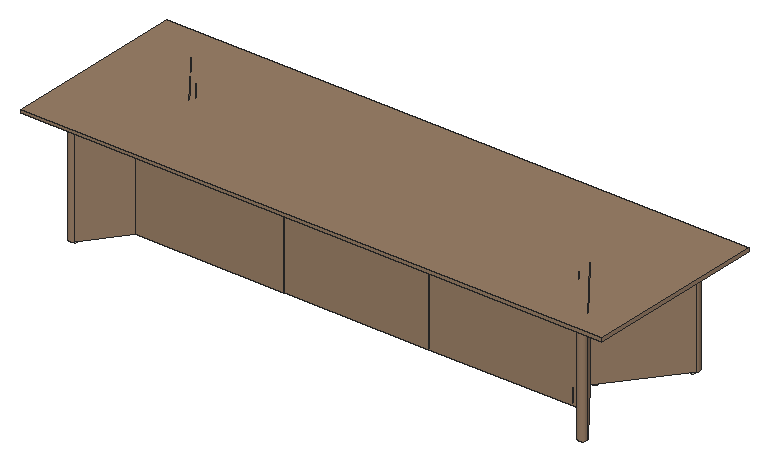
Revit family "Table-Teknion-CFTBCE_Figure_Table_Rectangular_Enclosed_V_Leg_Base_Bullnose_Cove_Edge-R2023", category Furniture, Revit 2023
Family settings
  OmniClass Number = 23.40.20.00
  OmniClass Title = General Furniture and Specialties
  Work Plane-Based = No
  Enable Cutting in Views = No
  Always vertical = Yes
  Cut with Voids When Loaded = No
  Render Appearance Source = Family Geometry
  Shared = Yes
  Room Calculation Point = No
Parameters (values of type "60" Depth")
  Width [instance] = 156.000"
  Warranty = "http://www.teknion.com/ca/papers/legal-canada"
  Unit Weight URL = "http://www.teknion.com/ca/tools/assets#&asset=bee6a381-b954-425e-8283-5a2de3a804f2,f828d448-4b62-4231-9e5f-9a8991c0ed77"
  URL = "www.teknion.com"
  Top Finish [instance] = Veneer-Teknion-LX-Natural_Veneer_V3-Sierra_Flat_Cut
  To render please download texture images found here [instance] = "https://assets.teknion.com/web/5e81352c1dfdb467/revit-material-swatches/"
  Sustainability Data = "https://www.teknion.com/ca/tools/assets#&topic=216f99a5-57a0-44fc-b10a-9dee9b29ae4c&asset=444deb64-fe58-4b68-981e-f75e97781df7,b4ff2d81-9f2e-437d-9659-7cffb09c31cf"
  Series = "Custom Wood Boardroom & Reception Tables"  # constant formula
  Product Page URL = "https://www.teknion.com/ca/products/product-details?productLineId=f182336e-8e7a-673b-a6c8-ff00004460c4"
  Product Line = "Figure Table"  # constant formula
  Product Documentation Link = "https://d2r72yk5wmppdj.cloudfront.net/m/7b6608f508e3c5a8/Community_Table_Cut_Sheet.pdf"
  Power Cover Finish [instance] = Paint - Teknion - Foundation - Sand
  Part Number = "CFTSTE"  # constant formula
  Model = "CFTSTE60___"
  Manufacturer Phone = "416-661-3370"  # constant formula
  Manufacturer Fax = "416.661.4586"  # constant formula
  Manufacturer Contact Information = "http://www.teknion.com/ca/contactus"
  Manufacturer Address = "1150 Flint Road, Toronto, ON. M3J 2J5. Canada"  # constant formula
  Manufacturer = "Teknion"  # constant formula
  How To Use Teknion Materials User Guide [instance] = "https://assets.teknion.com/m/205dd0a49fa58060/original/How-to-add-a-Material-Library-and-Texture-Images-to-your-Revit-project.pdf"
  Glide Finish [instance] = Paint - Teknion - Foundation - Sand
  For Additional Finishes please visit [instance] = "https://assets.teknion.com/m/44a8009b046e5d47/original/Teknion_Materials_Library.zip"
  Dim 4 = if(Depth = 60.000", 8.346", 6.846")  # 8.346"
  Dim 3 [instance] = if(Width = 156.000", 60.414", if(Width = 168.000", 64.798", if(Width = 180.000", 68.414", if(Width = 192.000", 72.414", if(Width = 204.000", 63.621", if(Width = 216.000", 66.621", if(Width = 228.000", 69.621", if(Width = 240.000", 73.196", 35.000"))))))))  # 60.414"
  Dim 2 [instance] = if(Width = 240.000", 34.764", 32.462")  # 32.462"
  Dim 1 [instance] = if(Width = 120.000", 20.000", if(Width = 180.000", 45.000", if(Width = 192.000", 48.000", 42.000")))  # 42.000"
  Description = "Figure Table, Rectangular, Enclosed V-Leg, Subtop, 60\" Depth"
  Depth = 60.000"
  Default Elevation = 0.000"
  Cut - Base 2 [instance] = if([Base - 2], 30.000", 0.300")  # 30.000"
  Cut - Base 1 [instance] = if([Base - 1], 30.000", 0.300")  # 0.300"
  Base Finish [instance] = Veneer-Teknion-LX-Natural_Veneer_V3-Sierra_Flat_Cut
  Base - 1 [instance] = or(Width < 145.000", Width > 203.000")  # no
  Base - 2 [instance] = Width > 146.000"  # yes
  Available Width [instance] = "120, 132, 144, 156, 168, 180, 192, 204, 216, 228 & 240 Inch"  # constant formula
  Available Depth = "48, 54 & 60 Inch"  # constant formula
  Assembly Code = "E2020200"
  2D - 3 Base [instance] = Width > 203.000"  # no
  2D - 2 Base [instance] = or(Width = 156.000", Width = 168.000", Width = 180.000", Width = 192.000")  # yes
  2D - 1 Base [instance] = Width < 145.000"  # no
Reference planes (in)
  plane 1 "Center Front/Back": y = 0
  plane 2: z = 0
  plane 3 "Center Left/Right": x = 0
  plane 4 "Left": x = -78
  plane 5 "Right": x = 78
  plane 6 "Back": y = 30
  plane 7 "Front": y = -30
  plane 8 "Top": z = 29
  plane 9: x = -45.538
  plane 10: x = 45.538
  plane 11: x = -36
  plane 12: x = 36
  plane 13: x = -26
  plane 14: x = 26
  plane 15: z = 28
  plane 16: x = -17.586
  plane 17: x = 17.586
  plane 18: y = 8.346
  plane 19: y = -8.346
  plane 20: y = 22
  plane 21: x = -70
  plane 22: y = -22
  plane 23: x = 70
Forms (in)
  Sweep 1, solid, material "Veneer-Teknion-LX-Natural_Veneer_V3-Sierra_Flat_Cut" <- "Top Finish"
    path origin (0, 0, 0) x (1, 0, 0) y (0, 0, 1)
      loop
        line (0, 27.5) -> (0, 26.75)
    profile origin (0, 0, 27.125) x (0, -1, 0) y (1, 0, 0)
      loop
        line (-22, -70) -> (22, -70) -> (22, 70) -> (-22, 70) -> (-22, -70)
  Sweep 2, solid, material "Veneer-Teknion-LX-Natural_Veneer_V3-Sierra_Flat_Cut" <- "Base Finish"
    path origin (0, 0, 0) x (1, 0, 0) y (0, 0, 1)
      loop
        line (0, 26.75) -> (0, 0.5)
    profile origin (0, 0, 13.625) x (0, -1, 0) y (1, 0, 0)
      loop
        line (-7.596, -52.82559) -> (-7.596, 52.82559) -> (-8.346, 53.40108) -> (-8.346, -53.40108) -> (-7.596, -52.82559)
      loop
        line (8.346, -53.40108) -> (8.346, 53.40108) -> (7.596, 52.82559) -> (7.596, -52.82559) -> (8.346, -53.40108)
      loop
        line (6.34206, 50.40444) -> (6.34206, -50.40444) -> (7.49954, -51.2926) -> (7.49954, 51.2926) -> (6.34206, 50.40444)
      loop
        line (-7.49954, 51.2926) -> (-7.49954, -51.2926) -> (-6.34206, -50.40444) -> (-6.34206, 50.40444) -> (-7.49954, 51.2926)
  Sweep 3, void
    path origin (0, 0, 0) x (1, 0, 0) y (0, 1, 0)
      loop
        line (78, 0) -> (-78, 0)
    profile origin (0, 0, 0) x (0, -1, 0) y (0, 0, 1)
      loop
        line (7.49954, 20.75) -> (-7.49954, 20.75) -> (-7.49954, 6.5) -> (7.49954, 6.5) -> (7.49954, 20.75)
  Sweep 4, void
    path origin (0, 0, 0) x (1, 0, 0) y (0, 0, 1)
      loop
        line (0, -2.5) -> (0, 27.5)
    profile origin (0, 0, 12.5) x (-1, 0, 0) y (0, -1, 0)
      loop
        line (18.74348, 7.5625) -> (17.42547, 7.5625) -> (17.42547, 8.346) -> (17.30047, 8.346) -> (17.30047, 7.5625) -> (16.42852, 7.5625) -> (16.42852, -7.5625) -> (17.30047, -7.5625) -> (17.30047, -8.346) -> (17.42547, -8.346) -> (17.42547, -7.5625) -> (18.74348, -7.5625) -> (18.74348, 7.5625)
      loop
        line (-18.74348, 7.5625) -> (-18.74348, -7.5625) -> (-17.42547, -7.5625) -> (-17.42547, -8.346) -> (-17.30047, -8.346) -> (-17.30047, -7.5625) -> (-16.42852, -7.5625) -> (-16.42852, 7.5625) -> (-17.30047, 7.5625) -> (-17.30047, 8.346) -> (-17.42547, 8.346) -> (-17.42547, 7.5625) -> (-18.74348, 7.5625)
  Sweep 5, void
    path origin (0, 0, 0) x (1, 0, 0) y (0, 0, 1)
      loop
        line (0, -2.5) -> (0, -2.2)
    profile origin (0, 0, -2.35) x (-1, 0, 0) y (0, -1, 0)
      loop
        line (1.15748, -7.54912) -> (1.15748, 7.54912) -> (0.0625, 7.54912) -> (0.0625, 8.346) -> (-0.0625, 8.346) -> (-0.0625, 7.54912) -> (-1.15748, 7.54912) -> (-1.15748, -7.54912) -> (-0.0625, -7.54912) -> (-0.0625, -8.346) -> (0.0625, -8.346) -> (0.0625, -7.54912) -> (1.15748, -7.54912)
Cuts and joins
  Sweep 3, Sweep 4, Sweep 5 cuts Sweep 2
Lines and regions (in)
  Masking region 1
    outline origin (0, 0, 0) x (1, 0, 0) y (0, 1, 0)
      loop
        line (70, 22) -> (-70, 22) -> (-70, -22) -> (70, -22) -> (70, 22)
  symbolic lines, style "FurnitureHiddenLines", detail levels medium+fine
    curve 1: line (-60.50863, -17.60874, 0) -> (-46.99697, 0, 0)
    curve 2: line (-46.99697, 0, 0) -> (-60.50863, 17.60874, 0)
    curve 3: line (-62.09534, 16.39121, 0) -> (-49.51792, 0, 0)
    curve 4: line (-49.51792, 0, 0) -> (-62.09534, -16.39121, 0)
    curve 5: arc (-62.09534, -16.39121, 0) -> (-61.91075, -17.79333, 0) -> (-60.50863, -17.60874, 0) r 1
    curve 6: arc (-60.50863, 17.60874, 0) -> (-61.91075, 17.79333, 0) -> (-62.09534, 16.39121, 0) r 1
    curve 7: line (-45.538, 0, 0) -> (-51.29295, 7.5, 0)
    curve 8: line (-51.29295, -7.5, 0) -> (-45.538, 0, 0)
    curve 9: line (-52.75192, -7.5, 0) -> (-51.29295, -7.5, 0)
    curve 10: line (-50.06628, -4, 0) -> (-48.60731, -4, 0)
    curve 11: line (-48.60731, 4, 0) -> (-50.06628, 4, 0)
    curve 12: line (-51.29295, 7.5, 0) -> (-52.75192, 7.5, 0)
    curve 13: line (49.51792, 0, 0) -> (62.09534, 16.39121, 0)
    curve 14: line (60.50863, 17.60874, 0) -> (46.99697, 0, 0)
    curve 15: line (51.29295, 7.5, 0) -> (45.538, 0, 0)
    curve 16: line (45.538, 0, 0) -> (51.29295, -7.5, 0)
    curve 17: line (46.99697, 0, 0) -> (60.50863, -17.60874, 0)
    curve 18: line (62.09534, -16.39121, 0) -> (49.51792, 0, 0)
    curve 19: line (48.60731, -4, 0) -> (50.06628, -4, 0)
    curve 20: line (51.29295, -7.5, 0) -> (52.75192, -7.5, 0)
    curve 21: line (50.06628, 4, 0) -> (48.60731, 4, 0)
    curve 22: line (52.75192, 7.5, 0) -> (51.29295, 7.5, 0)
    curve 23: arc (62.09534, 16.39121, 0) -> (61.91075, 17.79333, 0) -> (60.50863, 17.60874, 0) r 1
    curve 24: arc (60.50863, -17.60874, 0) -> (61.91075, -17.79333, 0) -> (62.09534, -16.39121, 0) r 1
    curve 31: line (-51.2926, -7.49954, 0) -> (51.2926, -7.49954, 0)
    curve 32: line (-1.15748, -6.34206, 0) -> (-50.40444, -6.34206, 0)
    curve 33: line (50.40444, -6.34206, 0) -> (1.15748, -6.34206, 0)
    curve 40: line (51.2926, 7.49954, 0) -> (-51.2926, 7.49954, 0)
    curve 41: line (1.15748, 6.34206, 0) -> (50.40444, 6.34206, 0)
    curve 42: line (-50.40444, 6.34206, 0) -> (-1.15748, 6.34206, 0)
  symbolic lines, style "FurnitureHiddenLines", visible <- "2D - 1 Base", detail levels medium+fine
    curve 25: line (-0.0625, -7.596, 0) -> (-0.0625, -8.346, 0)
    curve 26: line (-0.0625, -7.596, 0) -> (-52.82559, -7.596, 0)
    curve 27: line (-53.40108, -8.346, 0) -> (-0.0625, -8.346, 0)
    curve 28: line (0.0625, -8.346, 0) -> (0.0625, -7.596, 0)
    curve 29: line (52.82559, -7.596, 0) -> (0.0625, -7.596, 0)
    curve 30: line (0.0625, -8.346, 0) -> (53.40108, -8.346, 0)
    curve 34: line (-0.0625, 8.346, 0) -> (-53.40108, 8.346, 0)
    curve 35: line (-52.82559, 7.596, 0) -> (-0.0625, 7.596, 0)
    curve 36: line (-0.0625, 8.346, 0) -> (-0.0625, 7.596, 0)
    curve 37: line (53.40108, 8.346, 0) -> (0.0625, 8.346, 0)
    curve 38: line (0.0625, 7.596, 0) -> (0.0625, 8.346, 0)
    curve 39: line (0.0625, 7.596, 0) -> (52.82559, 7.596, 0)
  symbolic lines, style "FurnitureHiddenLines", visible <- "Base - 1", detail levels medium+fine
    curve 43: line (1.15748, 7.5, 0) -> (1.15748, -7.5, 0)
    curve 44: line (-1.15748, 7.5, 0) -> (-1.15748, -7.5, 0)
    curve 45: line (1.15748, -4, 0) -> (-1.15748, -4, 0)
    curve 46: line (-1.15748, 4, 0) -> (1.15748, 4, 0)
    curve 163: line (0, -7.5, 0) -> (0, 7.5, 0)
  symbolic lines, style "FurnitureHiddenLines", visible <- "2D - 2 Base", detail levels medium+fine
    curve 47: line (-17.42547, 8.346, 0) -> (-53.40108, 8.346, 0)
    curve 48: line (-17.42547, 8.346, 0) -> (-17.42547, 7.596, 0)
    curve 49: line (-52.82559, 7.596, 0) -> (-17.42547, 7.596, 0)
    curve 50: line (-17.30047, 7.596, 0) -> (17.30047, 7.596, 0)
    curve 51: line (-17.30047, 7.596, 0) -> (-17.30047, 8.346, 0)
    curve 52: line (17.30047, 8.346, 0) -> (-17.30047, 8.346, 0)
    curve 53: line (17.30047, 8.346, 0) -> (17.30047, 7.596, 0)
    curve 54: line (53.40108, 8.346, 0) -> (17.42547, 8.346, 0)
    curve 55: line (17.42547, 7.596, 0) -> (52.82559, 7.596, 0)
    curve 56: line (17.42547, 7.596, 0) -> (17.42547, 8.346, 0)
    curve 57: line (-17.42547, -7.596, 0) -> (-52.82559, -7.596, 0)
    curve 58: line (-17.42547, -7.596, 0) -> (-17.42547, -8.346, 0)
    curve 59: line (-53.40108, -8.346, 0) -> (-17.42547, -8.346, 0)
    curve 60: line (-17.30047, -8.346, 0) -> (-17.30047, -7.596, 0)
    curve 61: line (17.30047, -7.596, 0) -> (-17.30047, -7.596, 0)
    curve 62: line (-17.30047, -8.346, 0) -> (17.30047, -8.346, 0)
    curve 63: line (17.30047, -7.596, 0) -> (17.30047, -8.346, 0)
    curve 64: line (17.42547, -8.346, 0) -> (17.42547, -7.596, 0)
    curve 65: line (52.82559, -7.596, 0) -> (17.42547, -7.596, 0)
    curve 66: line (17.42547, -8.346, 0) -> (53.40108, -8.346, 0)
    curve 67: line (-50.40444, 6.34206, 0) -> (-18.74348, 6.34206, 0)
    curve 68: line (-18.74348, -6.34206, 0) -> (-50.40444, -6.34206, 0)
    curve 69: line (16.42852, -6.34206, 0) -> (-16.42852, -6.34206, 0)
    curve 70: line (-16.42852, 6.34206, 0) -> (16.42852, 6.34206, 0)
    curve 71: line (18.74348, 6.34206, 0) -> (50.40444, 6.34206, 0)
    curve 72: line (50.40444, -6.34206, 0) -> (18.74348, -6.34206, 0)
  symbolic lines, style "FurnitureHiddenLines", visible <- "Base - 2", detail levels medium+fine
    curve 73: line (-18.74348, 7.5, 0) -> (-18.74348, -7.5, 0)
    curve 74: line (-17.586, -7.5, 0) -> (-17.586, 7.5, 0)
    curve 75: line (-16.42852, 7.5, 0) -> (-16.42852, -7.5, 0)
    curve 76: line (-18.74348, 2, 0) -> (-16.42852, 2, 0)
    curve 77: line (-18.74348, 4, 0) -> (-16.42852, 4, 0)
    curve 78: line (-16.42852, -2, 0) -> (-18.74348, -2, 0)
    curve 79: line (-16.42852, -4, 0) -> (-18.74348, -4, 0)
    curve 80: line (16.42852, 7.5, 0) -> (16.42852, -7.5, 0)
    curve 81: line (18.74348, 7.5, 0) -> (18.74348, -7.5, 0)
    curve 82: line (16.42852, 4, 0) -> (18.74348, 4, 0)
    curve 83: line (16.42852, 2, 0) -> (18.74348, 2, 0)
    curve 84: line (18.74348, -2, 0) -> (16.42852, -2, 0)
    curve 85: line (18.74348, -4, 0) -> (16.42852, -4, 0)
    curve 86: line (17.586, -7.5, 0) -> (17.586, 7.5, 0)
  symbolic lines, style "FurnitureHiddenLines", visible <- "2D - 3 Base", detail levels medium+fine
    curve 87: line (-17.42547, -7.596, 0) -> (-17.42547, -8.346, 0)
    curve 88: line (-17.30047, -8.346, 0) -> (-17.30047, -7.596, 0)
    curve 89: line (-17.42547, -7.596, 0) -> (-52.82559, -7.596, 0)
    curve 90: line (-53.40108, -8.346, 0) -> (-17.42547, -8.346, 0)
    curve 91: line (-17.30047, -8.346, 0) -> (-0.0625, -8.346, 0)
    curve 92: line (-0.0625, -7.596, 0) -> (-17.30047, -7.596, 0)
    curve 93: line (-0.0625, -7.596, 0) -> (-0.0625, -8.346, 0)
    curve 94: line (0.0625, -8.346, 0) -> (0.0625, -7.596, 0)
    curve 95: line (17.30047, -7.596, 0) -> (0.0625, -7.596, 0)
    curve 96: line (0.0625, -8.346, 0) -> (17.30047, -8.346, 0)
    curve 97: line (17.30047, -7.596, 0) -> (17.30047, -8.346, 0)
    curve 98: line (52.82559, -7.596, 0) -> (17.42547, -7.596, 0)
    curve 99: line (17.42547, -8.346, 0) -> (17.42547, -7.596, 0)
    curve 100: line (17.42547, -8.346, 0) -> (53.40108, -8.346, 0)
    curve 101: line (50.40444, -6.34206, 0) -> (18.74348, -6.34206, 0)
    curve 102: line (16.42852, -6.34206, 0) -> (1.15748, -6.34206, 0)
    curve 103: line (-1.15748, -6.34206, 0) -> (-16.42852, -6.34206, 0)
    curve 104: line (-16.42852, 6.34206, 0) -> (-1.15748, 6.34206, 0)
    curve 105: line (-18.74348, -6.34206, 0) -> (-50.40444, -6.34206, 0)
    curve 106: line (-50.40444, 6.34206, 0) -> (-18.74348, 6.34206, 0)
    curve 107: line (1.15748, 6.34206, 0) -> (16.42852, 6.34206, 0)
    curve 108: line (18.74348, 6.34206, 0) -> (50.40444, 6.34206, 0)
    curve 109: line (17.42547, 7.596, 0) -> (52.82559, 7.596, 0)
    curve 110: line (17.42547, 7.596, 0) -> (17.42547, 8.346, 0)
    curve 111: line (53.40108, 8.346, 0) -> (17.42547, 8.346, 0)
    curve 112: line (17.30047, 8.346, 0) -> (0.0625, 8.346, 0)
    curve 113: line (17.30047, 8.346, 0) -> (17.30047, 7.596, 0)
    curve 114: line (0.0625, 7.596, 0) -> (17.30047, 7.596, 0)
    curve 115: line (0.0625, 7.596, 0) -> (0.0625, 8.346, 0)
    curve 116: line (-0.0625, 8.346, 0) -> (-0.0625, 7.596, 0)
    curve 117: line (-17.30047, 7.596, 0) -> (-0.0625, 7.596, 0)
    curve 118: line (-0.0625, 8.346, 0) -> (-17.30047, 8.346, 0)
    curve 119: line (-17.30047, 7.596, 0) -> (-17.30047, 8.346, 0)
    curve 120: line (-17.42547, 8.346, 0) -> (-53.40108, 8.346, 0)
    curve 121: line (-52.82559, 7.596, 0) -> (-17.42547, 7.596, 0)
    curve 122: line (-17.42547, 8.346, 0) -> (-17.42547, 7.596, 0)
  symbolic lines, style "FurnitureHiddenLines", detail levels fine
    curve 123: arc (-60.6989, 16.21402, 0) -> (-60.6066, 16.91507, 0) -> (-61.30766, 17.00737, 0) r 0.5
    curve 124: arc (-61.30766, 17.00737, 0) -> (-61.39995, 16.30631, 0) -> (-60.6989, 16.21402, 0) r 0.5
    curve 125: arc (-49.17624, 1.1974, 0) -> (-49.08394, 1.89846, 0) -> (-49.785, 1.99075, 0) r 0.5
    curve 126: arc (-49.785, 1.99075, 0) -> (-49.8773, 1.28969, 0) -> (-49.17624, 1.1974, 0) r 0.5
    curve 127: arc (-49.785, -1.99075, 0) -> (-49.08394, -1.89846, 0) -> (-49.17624, -1.1974, 0) r 0.5
    curve 128: arc (-49.17624, -1.1974, 0) -> (-49.8773, -1.28969, 0) -> (-49.785, -1.99075, 0) r 0.5
    curve 129: arc (-61.30766, -17.00737, 0) -> (-60.6066, -16.91507, 0) -> (-60.6989, -16.21402, 0) r 0.5
    curve 130: arc (-60.6989, -16.21402, 0) -> (-61.39995, -16.30631, 0) -> (-61.30766, -17.00737, 0) r 0.5
    curve 131: arc (61.30766, 17.00737, 0) -> (60.6066, 16.91507, 0) -> (60.6989, 16.21402, 0) r 0.5
    curve 132: arc (60.6989, 16.21402, 0) -> (61.39995, 16.30631, 0) -> (61.30766, 17.00737, 0) r 0.5
    curve 133: arc (49.17624, 1.1974, 0) -> (49.8773, 1.28969, 0) -> (49.785, 1.99075, 0) r 0.5
    curve 134: arc (49.785, 1.99075, 0) -> (49.08394, 1.89846, 0) -> (49.17624, 1.1974, 0) r 0.5
    curve 135: arc (49.785, -1.99075, 0) -> (49.8773, -1.28969, 0) -> (49.17624, -1.1974, 0) r 0.5
    curve 136: arc (49.17624, -1.1974, 0) -> (49.08394, -1.89846, 0) -> (49.785, -1.99075, 0) r 0.5
    curve 137: arc (61.30766, -17.00737, 0) -> (61.39995, -16.30631, 0) -> (60.6989, -16.21402, 0) r 0.5
    curve 138: arc (60.6989, -16.21402, 0) -> (60.6066, -16.91507, 0) -> (61.30766, -17.00737, 0) r 0.5
  symbolic lines, style "FurnitureHiddenLines", visible <- "Base - 2", detail levels fine
    curve 139: arc (17.00726, 5.25, 0) -> (17.50726, 5.75, 0) -> (17.00726, 6.25, 0) r 0.5
    curve 140: arc (17.00726, 6.25, 0) -> (16.50726, 5.75, 0) -> (17.00726, 5.25, 0) r 0.5
    curve 141: arc (18.16474, 5.25, 0) -> (18.66474, 5.75, 0) -> (18.16474, 6.25, 0) r 0.5
    curve 142: arc (18.16474, 6.25, 0) -> (17.66474, 5.75, 0) -> (18.16474, 5.25, 0) r 0.5
    curve 143: arc (17.00726, -6.25, 0) -> (17.50726, -5.75, 0) -> (17.00726, -5.25, 0) r 0.5
    curve 144: arc (17.00726, -5.25, 0) -> (16.50726, -5.75, 0) -> (17.00726, -6.25, 0) r 0.5
    curve 145: arc (18.16474, -6.25, 0) -> (18.66474, -5.75, 0) -> (18.16474, -5.25, 0) r 0.5
    curve 146: arc (18.16474, -5.25, 0) -> (17.66474, -5.75, 0) -> (18.16474, -6.25, 0) r 0.5
    curve 147: arc (-18.16474, 5.25, 0) -> (-17.66474, 5.75, 0) -> (-18.16474, 6.25, 0) r 0.5
    curve 148: arc (-18.16474, 6.25, 0) -> (-18.66474, 5.75, 0) -> (-18.16474, 5.25, 0) r 0.5
    curve 149: arc (-17.00726, 6.25, 0) -> (-17.50726, 5.75, 0) -> (-17.00726, 5.25, 0) r 0.5
    curve 150: arc (-17.00726, 5.25, 0) -> (-16.50726, 5.75, 0) -> (-17.00726, 6.25, 0) r 0.5
    curve 151: arc (-17.00726, -6.25, 0) -> (-16.50726, -5.75, 0) -> (-17.00726, -5.25, 0) r 0.5
    curve 152: arc (-17.00726, -5.25, 0) -> (-17.50726, -5.75, 0) -> (-17.00726, -6.25, 0) r 0.5
    curve 153: arc (-18.16474, -6.25, 0) -> (-17.66474, -5.75, 0) -> (-18.16474, -5.25, 0) r 0.5
    curve 154: arc (-18.16474, -5.25, 0) -> (-18.66474, -5.75, 0) -> (-18.16474, -6.25, 0) r 0.5
  symbolic lines, style "FurnitureHiddenLines", visible <- "Base - 1", detail levels fine
    curve 155: arc (0.57874, 5.25, 0) -> (1.07874, 5.75, 0) -> (0.57874, 6.25, 0) r 0.5
    curve 156: arc (0.57874, 6.25, 0) -> (0.07874, 5.75, 0) -> (0.57874, 5.25, 0) r 0.5
    curve 157: arc (-0.57874, 5.25, 0) -> (-0.07874, 5.75, 0) -> (-0.57874, 6.25, 0) r 0.5
    curve 158: arc (-0.57874, 6.25, 0) -> (-1.07874, 5.75, 0) -> (-0.57874, 5.25, 0) r 0.5
    curve 159: arc (0.57874, -6.25, 0) -> (1.07874, -5.75, 0) -> (0.57874, -5.25, 0) r 0.5
    curve 160: arc (0.57874, -5.25, 0) -> (0.07874, -5.75, 0) -> (0.57874, -6.25, 0) r 0.5
    curve 161: arc (-0.57874, -6.25, 0) -> (-0.07874, -5.75, 0) -> (-0.57874, -5.25, 0) r 0.5
    curve 162: arc (-0.57874, -5.25, 0) -> (-1.07874, -5.75, 0) -> (-0.57874, -6.25, 0) r 0.5
  reference lines
    curve 164: line (-70, 22, 0) -> (70, 22, 0)
    curve 165: line (-70, -22, 0) -> (-70, 22, 0)
    curve 166: line (70, -22, 0) -> (-70, -22, 0)
    curve 167: line (70, 22, 0) -> (70, -22, 0)
Dimensions and locks (in)
  "Width": plane 4 "Left" to plane 5 "Right"
  "Depth": plane 6 "Back" to plane 7 "Front"
  locked: plane 8 "Top" to level at 29
  equal spacing: plane 6 "Back", plane 1 "Center Front/Back", plane 7 "Front"
  equal spacing: plane 4 "Left", plane 3 "Center Left/Right", plane 5 "Right"
  Sweep 1 sketch curve to Sweep 1 sketch curve to plane 8 "Top" = 0.750" locked, 1.500" locked
  locked: plane 4 "Left" to Sweep 1 sketch curve at 8
  locked: Sweep 1 sketch curve to plane 5 "Right" at 8
  locked: plane 6 "Back" to Sweep 1 sketch curve at 8
  locked: plane 7 "Front" to Sweep 1 sketch curve at 8
  "Dim 2": plane 4 "Left" to plane 9
  "Dim 2": plane 10 to plane 5 "Right"
  "Dim 1": plane 4 "Left" to plane 11
  "Dim 1": plane 12 to plane 5 "Right"
  equal spacing: plane 4 "Left", plane 13, plane 14, plane 5 "Right"
  locked: plane 8 "Top" to plane 15 at 1
  "Dim 3": plane 4 "Left" to plane 16
  "Dim 3": plane 17 to plane 5 "Right"
  "Dim 4": plane 18 to plane 1 "Center Front/Back"
  "Dim 4": plane 19 to plane 1 "Center Front/Back"
  locked: plane 8 "Top" to Sweep 2 sketch curve at 2.25
  locked: Sweep 2 sketch curve to plane 2 at 0.5
  locked: plane 18 to Sweep 2 sketch curve at 0.75
  locked: plane 19 to Sweep 2 sketch curve at 0.75
  plane 19 to Sweep 2 sketch curve to Sweep 2 sketch curve = 0.84646" locked, 1.15748" locked
  plane 18 to Sweep 2 sketch curve to Sweep 2 sketch curve = 0.84646" locked, 1.15748" locked
  Sweep 3 sketch curve to Sweep 3 sketch curve to plane 2 = 14.250" locked, 6.500" locked
  locked: plane 19 to Sweep 3 sketch curve at 0.84646
  locked: Sweep 3 sketch curve to plane 18 at 0.84646
  locked: plane 2 to Sweep 4 sketch curve at 2.5
  "Cut - Base 2": Sweep 4 sketch curve to Sweep 4 sketch curve
  Sweep 4 sketch curve to plane 16 to Sweep 4 sketch curve to Sweep 4 sketch curve to Sweep 4 sketch curve = 1.15748" locked, 0.16053" locked, 0.125" locked, 0.87195" locked
  locked: plane 18 to Sweep 4 sketch curve at 0.7835  (x2)
  locked: plane 19 to Sweep 4 sketch curve at 0.7835  (x2)
  Sweep 4 sketch curve to Sweep 4 sketch curve to Sweep 4 sketch curve to plane 17 to Sweep 4 sketch curve = 0.87195" locked, 0.125" locked, 0.16053" locked, 1.15748" locked
  locked: plane 2 to Sweep 5 sketch curve at 2.5
  "Cut - Base 1": Sweep 5 sketch curve to Sweep 5 sketch curve
  locked: plane 19 to Sweep 5 sketch curve at 0.79688
  locked: plane 18 to Sweep 5 sketch curve at 0.79688
  Sweep 5 sketch curve to Sweep 5 sketch curve to plane 3 "Center Left/Right" to Sweep 5 sketch curve to Sweep 5 sketch curve = 1.09498" locked, 0.0625" locked, 0.0625" locked, 1.09498" locked
  locked: plane 23 to plane 5 "Right" at 8
  locked: plane 7 "Front" to plane 22 at 8
  locked: plane 4 "Left" to plane 21 at 8
  locked: plane 6 "Back" to plane 20 at 8
  aligned and locked: level to plane 2
  aligned and locked: Sweep 1 sketch curve to plane 3 "Center Left/Right"
  aligned and locked: plane 3 "Center Left/Right" to nested 1
  aligned and locked: plane 1 "Center Front/Back" to nested 1
  aligned and locked: nested 3 to plane 1 "Center Front/Back"
  aligned and locked: plane 1 "Center Front/Back" to nested 2
  aligned and locked: nested 2 to plane 10
  aligned and locked: nested 3 to plane 9
  aligned and locked: nested 6 to plane 17
  aligned and locked: plane 3 "Center Left/Right" to nested 5
  aligned and locked: plane 16 to nested 4
  aligned and locked: plane 1 "Center Front/Back" to nested 4
  aligned and locked: plane 1 "Center Front/Back" to nested 5
  aligned and locked: plane 1 "Center Front/Back" to nested 6
  aligned and locked: Sweep 2 sketch curve to plane 3 "Center Left/Right"
  aligned and locked: nested 3 to Sweep 2 sketch curve  (x4)
  aligned and locked: plane 18 to Sweep 2 sketch curve
  aligned and locked: nested 2 to Sweep 2 sketch curve  (x4)
  aligned and locked: Sweep 2 sketch curve to plane 19
  aligned and locked: Sweep 3 sketch curve to plane 1 "Center Front/Back"
  aligned and locked: plane 5 "Right" to Sweep 3 sketch curve
  aligned and locked: plane 4 "Left" to Sweep 3 sketch curve
  aligned and locked: plane 3 "Center Left/Right" to Sweep 4 sketch curve
  aligned and locked: plane 19 to Sweep 4 sketch curve
  aligned and locked: Sweep 4 sketch curve to plane 18
  aligned and locked: Sweep 4 sketch curve to Sweep 4 sketch curve  (x8)
  aligned and locked: plane 18 to Sweep 4 sketch curve
  aligned and locked: Sweep 4 sketch curve to plane 19
  aligned and locked: plane 3 "Center Left/Right" to Sweep 5 sketch curve
  aligned and locked: Sweep 5 sketch curve to plane 18
  aligned and locked: plane 19 to Sweep 5 sketch curve
  aligned and locked: Sweep 5 sketch curve to Sweep 5 sketch curve  (x4)
  aligned and locked: curve 2 to nested 3
  aligned and locked: curve 4 to nested 3
  aligned and locked: curve 5 to nested 3
  aligned and locked: curve 6 to nested 3
  aligned and locked: curve 7 to nested 3
  aligned and locked: curve 8 to nested 3
  aligned and locked: curve 9 to nested 3
  aligned and locked: curve 10 to nested 3
  aligned and locked: curve 11 to nested 3
  aligned and locked: curve 12 to nested 3
  aligned and locked: curve 13 to nested 2
  aligned and locked: curve 15 to nested 2
  aligned and locked: curve 16 to nested 2
  aligned and locked: curve 17 to nested 2
  aligned and locked: curve 19 to nested 2
  aligned and locked: curve 20 to nested 2
  aligned and locked: curve 21 to nested 2
  aligned and locked: curve 22 to nested 2
  aligned and locked: curve 23 to nested 2
  aligned and locked: curve 24 to nested 2
  aligned and locked: curve 27 to cut or joined group of Sweep 2, Sweep 3, Sweep 4, Sweep 5
  aligned and locked: curve 29 to cut or joined group of Sweep 2, Sweep 3, Sweep 4, Sweep 5
  aligned and locked: cut or joined group of Sweep 2, Sweep 3, Sweep 4, Sweep 5 to curve 30
  aligned and locked: curve 31 to cut or joined group of Sweep 2, Sweep 3, Sweep 4, Sweep 5
  aligned and locked: cut or joined group of Sweep 2, Sweep 3, Sweep 4, Sweep 5 to curve 32
  aligned and locked: curve 33 to cut or joined group of Sweep 2, Sweep 3, Sweep 4, Sweep 5
  aligned and locked: cut or joined group of Sweep 2, Sweep 3, Sweep 4, Sweep 5 to curve 34
  aligned and locked: curve 35 to cut or joined group of Sweep 2, Sweep 3, Sweep 4, Sweep 5
  aligned and locked: curve 36 to cut or joined group of Sweep 2, Sweep 3, Sweep 4, Sweep 5
  aligned and locked: curve 37 to cut or joined group of Sweep 2, Sweep 3, Sweep 4, Sweep 5
  aligned and locked: cut or joined group of Sweep 2, Sweep 3, Sweep 4, Sweep 5 to curve 38
  aligned and locked: curve 40 to cut or joined group of Sweep 2, Sweep 3, Sweep 4, Sweep 5
  aligned and locked: cut or joined group of Sweep 2, Sweep 3, Sweep 4, Sweep 5 to curve 41
  aligned and locked: curve 42 to cut or joined group of Sweep 2, Sweep 3, Sweep 4, Sweep 5
  aligned and locked: curve 43 to nested 5
  aligned and locked: curve 44 to nested 5
  aligned and locked: curve 45 to nested 5
  aligned and locked: curve 46 to nested 5
  aligned and locked: cut or joined group of Sweep 2, Sweep 3, Sweep 4, Sweep 5 to curve 47
  aligned and locked: curve 48 to cut or joined group of Sweep 2, Sweep 3, Sweep 4, Sweep 5
  aligned and locked: curve 49 to cut or joined group of Sweep 2, Sweep 3, Sweep 4, Sweep 5
  aligned and locked: cut or joined group of Sweep 2, Sweep 3, Sweep 4, Sweep 5 to curve 50
  aligned and locked: curve 51 to cut or joined group of Sweep 2, Sweep 3, Sweep 4, Sweep 5
  aligned and locked: cut or joined group of Sweep 2, Sweep 3, Sweep 4, Sweep 5 to curve 52
  aligned and locked: curve 54 to cut or joined group of Sweep 2, Sweep 3, Sweep 4, Sweep 5
  aligned and locked: curve 56 to cut or joined group of Sweep 2, Sweep 3, Sweep 4, Sweep 5
  aligned and locked: cut or joined group of Sweep 2, Sweep 3, Sweep 4, Sweep 5 to curve 57
  aligned and locked: curve 59 to cut or joined group of Sweep 2, Sweep 3, Sweep 4, Sweep 5
  aligned and locked: curve 60 to cut or joined group of Sweep 2, Sweep 3, Sweep 4, Sweep 5
  aligned and locked: cut or joined group of Sweep 2, Sweep 3, Sweep 4, Sweep 5 to curve 62
  aligned and locked: curve 64 to cut or joined group of Sweep 2, Sweep 3, Sweep 4, Sweep 5
  aligned and locked: curve 65 to cut or joined group of Sweep 2, Sweep 3, Sweep 4, Sweep 5
  aligned and locked: cut or joined group of Sweep 2, Sweep 3, Sweep 4, Sweep 5 to curve 66
  aligned and locked: curve 67 to cut or joined group of Sweep 2, Sweep 3, Sweep 4, Sweep 5
  aligned and locked: cut or joined group of Sweep 2, Sweep 3, Sweep 4, Sweep 5 to curve 68
  aligned and locked: cut or joined group of Sweep 2, Sweep 3, Sweep 4, Sweep 5 to curve 69
  aligned and locked: cut or joined group of Sweep 2, Sweep 3, Sweep 4, Sweep 5 to curve 70
  aligned and locked: cut or joined group of Sweep 2, Sweep 3, Sweep 4, Sweep 5 to curve 71
  aligned and locked: curve 72 to cut or joined group of Sweep 2, Sweep 3, Sweep 4, Sweep 5
  aligned and locked: curve 73 to nested 4
  aligned and locked: curve 74 to nested 4
  aligned and locked: curve 75 to nested 4
  aligned and locked: curve 76 to nested 4
  aligned and locked: curve 77 to nested 4
  aligned and locked: curve 78 to nested 4
  aligned and locked: curve 79 to nested 4
  aligned and locked: curve 80 to nested 6
  aligned and locked: curve 81 to nested 6
  aligned and locked: curve 82 to nested 6
  aligned and locked: curve 83 to nested 6
  aligned and locked: curve 84 to nested 6
  aligned and locked: curve 85 to nested 6
  aligned and locked: curve 86 to nested 6
  aligned and locked: curve 87 to cut or joined group of Sweep 2, Sweep 3, Sweep 4, Sweep 5
  aligned and locked: curve 88 to cut or joined group of Sweep 2, Sweep 3, Sweep 4, Sweep 5
  aligned and locked: curve 90 to cut or joined group of Sweep 2, Sweep 3, Sweep 4, Sweep 5
  aligned and locked: cut or joined group of Sweep 2, Sweep 3, Sweep 4, Sweep 5 to curve 91
  aligned and locked: cut or joined group of Sweep 2, Sweep 3, Sweep 4, Sweep 5 to curve 92
  aligned and locked: cut or joined group of Sweep 2, Sweep 3, Sweep 4, Sweep 5 to curve 93
  aligned and locked: curve 94 to cut or joined group of Sweep 2, Sweep 3, Sweep 4, Sweep 5
  aligned and locked: cut or joined group of Sweep 2, Sweep 3, Sweep 4, Sweep 5 to curve 95
  aligned and locked: cut or joined group of Sweep 2, Sweep 3, Sweep 4, Sweep 5 to curve 96
  aligned and locked: curve 97 to cut or joined group of Sweep 2, Sweep 3, Sweep 4, Sweep 5
  aligned and locked: curve 98 to cut or joined group of Sweep 2, Sweep 3, Sweep 4, Sweep 5
  aligned and locked: curve 99 to cut or joined group of Sweep 2, Sweep 3, Sweep 4, Sweep 5
  aligned and locked: cut or joined group of Sweep 2, Sweep 3, Sweep 4, Sweep 5 to curve 100
  aligned and locked: curve 101 to cut or joined group of Sweep 2, Sweep 3, Sweep 4, Sweep 5
  aligned and locked: cut or joined group of Sweep 2, Sweep 3, Sweep 4, Sweep 5 to curve 102
  aligned and locked: cut or joined group of Sweep 2, Sweep 3, Sweep 4, Sweep 5 to curve 103
  aligned and locked: cut or joined group of Sweep 2, Sweep 3, Sweep 4, Sweep 5 to curve 104
  aligned and locked: cut or joined group of Sweep 2, Sweep 3, Sweep 4, Sweep 5 to curve 105
  aligned and locked: curve 106 to cut or joined group of Sweep 2, Sweep 3, Sweep 4, Sweep 5
  aligned and locked: cut or joined group of Sweep 2, Sweep 3, Sweep 4, Sweep 5 to curve 107
  aligned and locked: cut or joined group of Sweep 2, Sweep 3, Sweep 4, Sweep 5 to curve 108
  aligned and locked: cut or joined group of Sweep 2, Sweep 3, Sweep 4, Sweep 5 to curve 109
  aligned and locked: curve 110 to cut or joined group of Sweep 2, Sweep 3, Sweep 4, Sweep 5
  aligned and locked: curve 111 to cut or joined group of Sweep 2, Sweep 3, Sweep 4, Sweep 5
  aligned and locked: curve 113 to cut or joined group of Sweep 2, Sweep 3, Sweep 4, Sweep 5
  aligned and locked: cut or joined group of Sweep 2, Sweep 3, Sweep 4, Sweep 5 to curve 114
  aligned and locked: cut or joined group of Sweep 2, Sweep 3, Sweep 4, Sweep 5 to curve 117
  aligned and locked: cut or joined group of Sweep 2, Sweep 3, Sweep 4, Sweep 5 to curve 120
  aligned and locked: curve 121 to cut or joined group of Sweep 2, Sweep 3, Sweep 4, Sweep 5
  aligned and locked: curve 122 to cut or joined group of Sweep 2, Sweep 3, Sweep 4, Sweep 5
  aligned and locked: curve 123 to nested 3
  aligned and locked: curve 124 to nested 3
  aligned and locked: curve 125 to nested 3
  aligned and locked: curve 126 to nested 3
  aligned and locked: curve 127 to nested 3
  aligned and locked: curve 128 to nested 3
  aligned and locked: curve 129 to nested 3
  aligned and locked: curve 130 to nested 3
  aligned and locked: curve 131 to nested 2
  aligned and locked: curve 132 to nested 2
  aligned and locked: curve 133 to nested 2
  aligned and locked: curve 134 to nested 2
  aligned and locked: curve 135 to nested 2
  aligned and locked: curve 136 to nested 2
  aligned and locked: curve 137 to nested 2
  aligned and locked: curve 138 to nested 2
  aligned and locked: curve 139 to nested 6
  aligned and locked: curve 140 to nested 6
  aligned and locked: curve 141 to nested 6
  aligned and locked: curve 142 to nested 6
  aligned and locked: curve 143 to nested 6
  aligned and locked: curve 144 to nested 6
  aligned and locked: curve 145 to nested 6
  aligned and locked: curve 146 to nested 6
  aligned and locked: curve 147 to nested 4
  aligned and locked: curve 148 to nested 4
  aligned and locked: curve 149 to nested 4
  aligned and locked: curve 150 to nested 4
  aligned and locked: curve 151 to nested 4
  aligned and locked: curve 152 to nested 4
  aligned and locked: curve 153 to nested 4
  aligned and locked: curve 154 to nested 4
  aligned and locked: curve 155 to nested 5
  aligned and locked: curve 156 to nested 5
  aligned and locked: curve 157 to nested 5
  aligned and locked: curve 158 to nested 5
  aligned and locked: curve 159 to nested 5
  aligned and locked: curve 160 to nested 5
  aligned and locked: curve 161 to nested 5
  aligned and locked: curve 162 to nested 5
  aligned and locked: curve 163 to nested 5
  aligned and locked: Masking region 1 sketch curve to Sweep 1  (x4)
  aligned and locked: curve 164 to plane 20
  aligned and locked: curve 165 to plane 21
  aligned and locked: curve 166 to plane 22
  aligned and locked: curve 167 to plane 23
Automatic sketch dimensions
  plane 1 "Center Front/Back" to curve 1 = 0.000"
  plane 1 "Center Front/Back" to curve 4 = 0.000"
  plane 1 "Center Front/Back" to curve 17 = 0.000"
  plane 1 "Center Front/Back" to curve 18 = 0.000"
  curve 8 to curve 31 = 0.00035"
  curve 31 to curve 16 = 0.00035"
  curve 7 to curve 40 = 0.00035"
  curve 40 to curve 15 = 0.00035"
  curve 43 to plane 19 = 0.846"
  curve 43 to plane 18 = 0.846"
  curve 44 to plane 19 = 0.846"
  curve 44 to plane 18 = 0.846"
  curve 51 to curve 50 = 0.000"
  curve 50 to curve 55 = 0.125"
  curve 62 to curve 60 = 0.000"
  curve 73 to plane 19 = 0.846"
  curve 73 to plane 18 = 0.846"
  curve 57 to curve 74 = 0.096"
  curve 74 to curve 48 = 0.096"
  curve 75 to plane 19 = 0.846"
  curve 75 to plane 18 = 0.846"
  curve 80 to plane 19 = 0.846"
  curve 80 to plane 18 = 0.846"
  curve 81 to plane 19 = 0.846"
  curve 81 to plane 18 = 0.846"
  curve 64 to curve 86 = 0.096"
  curve 86 to curve 56 = 0.096"
  curve 91 to curve 60 = 0.000"
  curve 114 to curve 50 = 0.000"
  curve 118 to curve 51 = 0.000"
  curve 123 to curve 6 = 0.00567"
  curve 123 to curve 123 = 0.30438"
  curve 125 to curve 125 = 0.30438"  (x2)
  curve 127 to curve 127 = 0.30438"  (x2)
  curve 129 to curve 5 = 0.00567"
  curve 129 to curve 129 = 0.30438"
  curve 131 to curve 131 = 0.30438"
  curve 23 to curve 131 = 0.00567"
  curve 133 to curve 133 = 0.30438"  (x2)
  curve 135 to curve 135 = 0.30438"  (x2)
  curve 137 to curve 137 = 0.30438"
  curve 24 to curve 137 = 0.00567"
  curve 148 to curve 147 = 0.000"
  curve 147 to curve 147 = 0.000"
  curve 25 to curve 163 = 0.096"
  curve 163 to curve 35 = 0.096"
Nested families (in)
  nested 1: "Teknion_2D_Node_Family-R2016" at (0, 0, 0), type "Teknion_2D_Node_Family-R2016"
  nested 2: "Enclosed V-Leg" at (45.538, 0, 0), Base Finish <- "Base Finish", Glide Finish <- "Glide Finish", Enclosed V-Leg - Depth <- "Depth", type "Enclosed V-Leg"
    with To render please download texture images found here "https://assets.teknion.com/web/5e81352c1dfdb467/revit-material-swatches/", How To Use Teknion Materials User Guide "https://assets.teknion.com/m/205dd0a49fa58060/original/How-to-add-a-Material-Library-and-Texture-Images-to-your-Revit-project.pdf", Glide Finish Paint - Teknion - Foundation - Sand, For Additional Finishes please visit "https://assets.teknion.com/m/44a8009b046e5d47/original/Teknion_Materials_Library.zip", Enclosed V-Leg - Depth 60.000", Dim 2 21.428", Dim 1 7.500", Base Finish Veneer-Teknion-LX-Natural_Veneer_V3-Sierra_Flat_Cut
  nested 3: "Enclosed V-Leg" at (-45.538, 0, 0) x (-1, 0, 0) z (0, 0, 1), Base Finish <- "Base Finish", Glide Finish <- "Glide Finish", Enclosed V-Leg - Depth <- "Depth", type "Enclosed V-Leg"
    with To render please download texture images found here "https://assets.teknion.com/web/5e81352c1dfdb467/revit-material-swatches/", How To Use Teknion Materials User Guide "https://assets.teknion.com/m/205dd0a49fa58060/original/How-to-add-a-Material-Library-and-Texture-Images-to-your-Revit-project.pdf", Glide Finish Paint - Teknion - Foundation - Sand, For Additional Finishes please visit "https://assets.teknion.com/m/44a8009b046e5d47/original/Teknion_Materials_Library.zip", Enclosed V-Leg - Depth 60.000", Dim 2 21.428", Dim 1 7.500", Base Finish Veneer-Teknion-LX-Natural_Veneer_V3-Sierra_Flat_Cut
  nested 4: "Base 1" at (-17.586, 0, 0), visible <- "Base - 2", Base Finish <- "Base Finish", Glide Finish <- "Glide Finish", Base - Depth <- "Depth", type "Base 1"
    with To render please download texture images found here "https://assets.teknion.com/web/5e81352c1dfdb467/revit-material-swatches/", How To Use Teknion Materials User Guide "https://assets.teknion.com/m/205dd0a49fa58060/original/How-to-add-a-Material-Library-and-Texture-Images-to-your-Revit-project.pdf", Glide Finish Paint - Teknion - Foundation - Sand, For Additional Finishes please visit "https://assets.teknion.com/m/44a8009b046e5d47/original/Teknion_Materials_Library.zip", Dim 1 15.000", Base Finish Veneer-Teknion-LX-Natural_Veneer_V3-Sierra_Flat_Cut, Base - Depth 60.000"
  nested 5: "Base 1" at (0, 0, 0), visible <- "Base - 1", Base Finish <- "Base Finish", Glide Finish <- "Glide Finish", Base - Depth <- "Depth", type "Base 1"
    with To render please download texture images found here "https://assets.teknion.com/web/5e81352c1dfdb467/revit-material-swatches/", How To Use Teknion Materials User Guide "https://assets.teknion.com/m/205dd0a49fa58060/original/How-to-add-a-Material-Library-and-Texture-Images-to-your-Revit-project.pdf", Glide Finish Paint - Teknion - Foundation - Sand, For Additional Finishes please visit "https://assets.teknion.com/m/44a8009b046e5d47/original/Teknion_Materials_Library.zip", Dim 1 15.000", Base Finish Veneer-Teknion-LX-Natural_Veneer_V3-Sierra_Flat_Cut, Base - Depth 60.000"
  nested 6: "Base 1" at (17.586, 0, 0), visible <- "Base - 2", Base Finish <- "Base Finish", Glide Finish <- "Glide Finish", Base - Depth <- "Depth", type "Base 1"
    with To render please download texture images found here "https://assets.teknion.com/web/5e81352c1dfdb467/revit-material-swatches/", How To Use Teknion Materials User Guide "https://assets.teknion.com/m/205dd0a49fa58060/original/How-to-add-a-Material-Library-and-Texture-Images-to-your-Revit-project.pdf", Glide Finish Paint - Teknion - Foundation - Sand, For Additional Finishes please visit "https://assets.teknion.com/m/44a8009b046e5d47/original/Teknion_Materials_Library.zip", Dim 1 15.000", Base Finish Veneer-Teknion-LX-Natural_Veneer_V3-Sierra_Flat_Cut, Base - Depth 60.000"
Definition of nested family "Enclosed V-Leg"
  Parameters (values of type "Enclosed V-Leg")
    Warranty = "http://www.teknion.com/ca/papers/legal-canada"
    Unit Weight URL = "http://www.teknion.com/ca/tools/assets#&asset=bee6a381-b954-425e-8283-5a2de3a804f2,f828d448-4b62-4231-9e5f-9a8991c0ed77"
    URL = "www.teknion.com"
    To render please download texture images found here [instance] = "https://assets.teknion.com/web/5e81352c1dfdb467/revit-material-swatches/"
    Sustainability Data = "https://www.teknion.com/ca/tools/assets#&topic=216f99a5-57a0-44fc-b10a-9dee9b29ae4c&asset=444deb64-fe58-4b68-981e-f75e97781df7,b4ff2d81-9f2e-437d-9659-7cffb09c31cf"
    Series = ""
    Product Page URL = ""
    Product Line = ""
    Product Documentation Link = ""
    Part Number = ""
    Model = ""
    Manufacturer Phone = "416-661-3370"  # constant formula
    Manufacturer Fax = "416.661.4586"  # constant formula
    Manufacturer Contact Information = "http://www.teknion.com/ca/contactus"
    Manufacturer Address = "1150 Flint Road, Toronto, ON. M3J 2J5. Canada"  # constant formula
    Manufacturer = "Teknion"  # constant formula
    How To Use Teknion Materials User Guide [instance] = "https://assets.teknion.com/m/205dd0a49fa58060/original/How-to-add-a-Material-Library-and-Texture-Images-to-your-Revit-project.pdf"
    Glide Finish [instance] = none
    For Additional Finishes please visit [instance] = "https://assets.teknion.com/m/44a8009b046e5d47/original/Teknion_Materials_Library.zip"
    Enclosed V-Leg - Depth [instance] = 54.000"
    Dim 2 [instance] = if([Enclosed V-Leg - Depth] = 60.000", 21.428", 17.647")  # 17.647"
    Dim 1 [instance] = if([Enclosed V-Leg - Depth] = 60.000", 7.500", 6.000")  # 6.000"
    Description = "Enclosed V-Leg"
    Default Elevation = 0.000"
    Base Finish [instance] = none
    Assembly Code = "E2020200"
  Reference planes (in)
    plane 1 "Center Front/Back": y = 0
    plane 2: z = 0
    plane 3 "Center Left/Right": x = 8.382
    plane 4 "Left": x = 0
    plane 5 "Right": x = 16.764
    plane 6 "Back": y = 18.01298
    plane 7 "Front": y = -18.01298
    plane 8 "Top": z = 26.75
    plane 9: through (-1.19415, -5.1003, 48) normal (-0.7934, 0.6088, 0)
    plane 10: through (-1.19415, 5.1003, 48) normal (0.7934, 0.6088, 0)
    plane 11: z = 0.5
    plane 12: through (1.92609, -0.60876, 48) normal (-0.6088, 0.7934, 0)
    plane 13: through (1.92609, 0.60876, 48) normal (0.6088, 0.7934, 0)
    plane 14: through (12.6689, -14.60907, 48) normal (-0.6088, 0.7934, 0)
    plane 15: through (12.6689, 14.60907, 48) normal (0.6088, 0.7934, 0)
    plane 16: through (13.27199, 15.39503, 48) normal (0.6088, 0.7934, 0)
    plane 17: through (13.27199, -15.39503, 48) normal (-0.6088, 0.7934, 0)
  Forms (in)
    Sweep 1, solid, material <- "Base Finish"
      path origin (0, 0, 0) x (1, 0, 0) y (0, 0, 1)
        loop
          line (8.382, 26.75) -> (8.382, 0.5)
      profile origin (8.382, 0, 13.625) x (0, -1, 0) y (1, 0, 0)
        loop
          line (-6, -3.77804) -> (0, -8.382) -> (6, -3.77804) -> (6, -2.31907) -> (0, -6.92303) -> (-6, -2.31907) -> (-6, -3.77804)
    Sweep 2, void
      path origin (0, 0, 0) x (1, 0, 0) y (0, 1, 0)
        loop
          line (8.448, 0) -> (-3.552, 0)
      profile origin (2.448, 0, 0) x (0, -1, 0) y (0, 0, 1)
        loop
          line (-4, 22.75) -> (4, 22.75) -> (4, 26.75) -> (-4, 26.75) -> (-4, 22.75)
    Sweep 3, solid, material <- "Base Finish"
      path origin (0, 0, 0) x (1, 0, 0) y (0, 0, 1)
        loop
          line (8.382, 26.75) -> (8.382, 0.5)
      profile origin (8.382, 0, 13.625) x (0, -1, 0) y (1, 0, 0)
        loop
          line (-14.60907, 4.2869) -> (-0.60876, -6.45591)
          arc (-0.60876, -6.45591) -> (0, -6.66256) -> (0.60876, -6.45591) r 1
          line (0.60876, -6.45591) -> (14.60907, 4.2869)
          arc (14.60907, 4.2869) -> (14.79366, 5.68902) -> (13.39154, 5.87361) r 1
          line (13.39154, 5.87361) -> (0, -4.40208) -> (-13.39154, 5.87361)
          arc (-13.39154, 5.87361) -> (-14.79366, 5.68902) -> (-14.60907, 4.2869) r 1
    Sweep 4, solid, material <- "Glide Finish"
      path origin (0, 0, 0) x (1, 0, 0) y (0, 0, 1)
        loop
          line (8.382, 0.25) -> (8.382, 0.5)
      profile origin (8.382, 0, 0.375) x (-1, 0, 0) y (0, -1, 0)
        loop
          line (4.30129, 1.2607) -> (4.65905, 1.3078) -> (4.79714, 1.64117) -> (4.57747, 1.92745) -> (4.21971, 1.88035) -> (4.08162, 1.54698) -> (4.30129, 1.2607)
        loop
          line (-4.91964, 13.27765) -> (-4.56188, 13.32475) -> (-4.42379, 13.65812) -> (-4.64346, 13.9444) -> (-5.00122, 13.8973) -> (-5.1393, 13.56392) -> (-4.91964, 13.27765)
        loop
          line (4.30129, -1.2607) -> (4.08162, -1.54698) -> (4.21971, -1.88035) -> (4.57747, -1.92745) -> (4.79714, -1.64117) -> (4.65905, -1.3078) -> (4.30129, -1.2607)
        loop
          line (-4.91964, -13.27765) -> (-5.1393, -13.56392) -> (-5.00122, -13.8973) -> (-4.64346, -13.9444) -> (-4.42379, -13.65812) -> (-4.56188, -13.32475) -> (-4.91964, -13.27765)
    Sweep 5, solid, material <- "Glide Finish"
      path origin (0, 0, 0) x (1, 0, 0) y (0, 0, 1)
        loop
          line (8.382, 0.25) -> (8.382, 0)
      profile origin (8.382, 0, 0.125) x (0, -1, 0) y (1, 0, 0)
        loop
          circle (-13.61102, 4.78155) r 0.5
        loop
          circle (-1.59408, -4.43938) r 0.5
        loop
          circle (13.61102, 4.78155) r 0.5
        loop
          circle (1.59408, -4.43938) r 0.5
  Cuts and joins
    Sweep 2 cuts Sweep 1
    joined: Sweep 4, Sweep 5
  Lines and regions (in)
    symbolic lines, detail levels medium+fine
      curve 1: line (4.60396, 6, 0) -> (0, 0, 0)
      curve 2: line (6.06293, 6, 0) -> (4.60396, 6, 0)
      curve 3: line (4.52828, 4, 0) -> (3.06931, 4, 0)
      curve 4: line (0, 0, 0) -> (4.60396, -6, 0)
      curve 5: line (3.06931, -4, 0) -> (4.52828, -4, 0)
      curve 6: line (4.60396, -6, 0) -> (6.06293, -6, 0)
      curve 7: line (1.45897, 0, 0) -> (12.6689, -14.60907, 0)
      curve 8: line (14.25561, -13.39154, 0) -> (3.97992, 0, 0)
      curve 9: arc (12.6689, -14.60907, 0) -> (14.07102, -14.79366, 0) -> (14.25561, -13.39154, 0) r 1
      curve 10: line (12.6689, 14.60907, 0) -> (1.45897, 0, 0)
      curve 11: line (3.97992, 0, 0) -> (14.25561, 13.39154, 0)
      curve 12: arc (14.25561, 13.39154, 0) -> (14.07102, 14.79366, 0) -> (12.6689, 14.60907, 0) r 1
      curve 13: arc (1.92609, 0.60876, 0) -> (1.71944, 0, 0) -> (1.92609, -0.60876, 0) r 1
    symbolic lines, detail levels fine
      curve 14: line (13.02546, 13.9444, 0) -> (12.80579, 13.65812, 0)
      curve 15: line (12.80579, 13.65812, 0) -> (12.94388, 13.32475, 0)
      curve 16: line (12.94388, 13.32475, 0) -> (13.30164, 13.27765, 0)
      curve 17: line (13.30164, 13.27765, 0) -> (13.52131, 13.56392, 0)
      curve 18: line (13.52131, 13.56392, 0) -> (13.38322, 13.8973, 0)
      curve 19: line (13.38322, 13.8973, 0) -> (13.02546, 13.9444, 0)
      curve 20: arc (12.85917, 13.21435, 0) -> (13.56023, 13.30664, 0) -> (13.46793, 14.0077, 0) r 0.5
      curve 21: arc (13.46793, 14.0077, 0) -> (12.76687, 13.9154, 0) -> (12.85917, 13.21435, 0) r 0.5
      curve 22: line (3.80453, 1.92745, 0) -> (3.58486, 1.64117, 0)
      curve 23: line (3.58486, 1.64117, 0) -> (3.72295, 1.3078, 0)
      curve 24: line (3.72295, 1.3078, 0) -> (4.08071, 1.2607, 0)
      curve 25: line (4.08071, 1.2607, 0) -> (4.30038, 1.54698, 0)
      curve 26: line (4.30038, 1.54698, 0) -> (4.16229, 1.88035, 0)
      curve 27: line (4.16229, 1.88035, 0) -> (3.80453, 1.92745, 0)
      curve 28: arc (3.63824, 1.1974, 0) -> (4.3393, 1.28969, 0) -> (4.247, 1.99075, 0) r 0.5
      curve 29: arc (4.247, 1.99075, 0) -> (3.54594, 1.89846, 0) -> (3.63824, 1.1974, 0) r 0.5
      curve 30: line (4.08071, -1.2607, 0) -> (3.72295, -1.3078, 0)
      curve 31: line (3.72295, -1.3078, 0) -> (3.58486, -1.64117, 0)
      curve 32: line (3.58486, -1.64117, 0) -> (3.80453, -1.92745, 0)
      curve 33: line (3.80453, -1.92745, 0) -> (4.16229, -1.88035, 0)
      curve 34: line (4.16229, -1.88035, 0) -> (4.30038, -1.54698, 0)
      curve 35: line (4.30038, -1.54698, 0) -> (4.08071, -1.2607, 0)
      curve 36: arc (3.63824, -1.1974, 0) -> (3.54594, -1.89846, 0) -> (4.247, -1.99075, 0) r 0.5
      curve 37: arc (4.247, -1.99075, 0) -> (4.3393, -1.28969, 0) -> (3.63824, -1.1974, 0) r 0.5
      curve 38: line (13.52131, -13.56392, 0) -> (13.30164, -13.27765, 0)
      curve 39: line (13.30164, -13.27765, 0) -> (12.94388, -13.32475, 0)
      curve 40: line (12.94388, -13.32475, 0) -> (12.80579, -13.65812, 0)
      curve 41: line (12.80579, -13.65812, 0) -> (13.02546, -13.9444, 0)
      curve 42: line (13.02546, -13.9444, 0) -> (13.38322, -13.8973, 0)
      curve 43: line (13.38322, -13.8973, 0) -> (13.52131, -13.56392, 0)
      curve 44: arc (13.46793, -14.0077, 0) -> (13.56023, -13.30664, 0) -> (12.85917, -13.21435, 0) r 0.5
      curve 45: arc (12.85917, -13.21435, 0) -> (12.76687, -13.9154, 0) -> (13.46793, -14.0077, 0) r 0.5
  Dimensions and locks (in)
    plane 4 "Left" to plane 5 "Right" = 16.764"
    locked: plane 6 "Back" to plane 7 "Front" at 36.02596
    locked: plane 8 "Top" to level at 26.75
    equal spacing: plane 6 "Back", plane 1 "Center Front/Back", plane 7 "Front"
    equal spacing: plane 4 "Left", plane 3 "Center Left/Right", plane 5 "Right"
    locked: plane 11 to plane 2 at 0.5
    locked: Sweep 1 sketch curve to Sweep 1 sketch curve at 1.15748  (x2)
    "Dim 1": Sweep 1 sketch curve to plane 1 "Center Front/Back"
    "Dim 1": plane 1 "Center Front/Back" to Sweep 1 sketch curve
    Sweep 2 sketch curve to plane 4 "Left" to Sweep 2 sketch curve = 3.552" locked, 8.448" locked
    locked: plane 8 "Top" to Sweep 2 sketch curve at 4
    Sweep 2 sketch curve to plane 1 "Center Front/Back" to Sweep 2 sketch curve = 4.000" locked, 4.000" locked
    Sweep 3 sketch curve to plane 9 to Sweep 3 sketch curve = 1.000" locked, 1.000" locked
    Sweep 3 sketch curve to plane 10 to Sweep 3 sketch curve = 1.000" locked, 1.000" locked
    locked: plane 4 "Left" to Sweep 3 sketch curve at 2.71944
    "Dim 2": plane 12 to plane 14
    "Dim 2": plane 13 to plane 15
    locked: Sweep 4 sketch curve to plane 2 at 0.25
    plane 4 "Left" to Sweep 4 sketch curve to Sweep 4 sketch curve to Sweep 4 sketch curve to Sweep 4 sketch curve to Sweep 4 sketch curve to Sweep 4 sketch curve = 3.58486" locked, 0.13809" locked, 0.08158" locked, 0.27618" locked, 0.08158" locked, 0.13809" locked  (x2)
    Sweep 4 sketch curve to Sweep 4 sketch curve to Sweep 4 sketch curve to Sweep 4 sketch curve to Sweep 4 sketch curve to Sweep 4 sketch curve to plane 1 "Center Front/Back" = 0.0471" locked, 0.23918" locked, 0.0942" locked, 0.23918" locked, 0.0471" locked, 1.2607" locked
    plane 1 "Center Front/Back" to Sweep 4 sketch curve to Sweep 4 sketch curve to Sweep 4 sketch curve to Sweep 4 sketch curve to Sweep 4 sketch curve to Sweep 4 sketch curve = 1.2607" locked, 0.0471" locked, 0.23918" locked, 0.0942" locked, 0.23918" locked, 0.0471" locked
    Sweep 4 sketch curve to Sweep 4 sketch curve to Sweep 4 sketch curve to Sweep 4 sketch curve to Sweep 4 sketch curve to Sweep 4 sketch curve to plane 15 = 0.18042" locked, 0.000" locked, 0.36084" locked, 0.000" locked, 0.18042" locked, 0.12984" locked
    Sweep 4 sketch curve to plane 9 to Sweep 4 sketch curve = 0.3125" locked, 0.3125" locked
    Sweep 4 sketch curve to plane 10 to Sweep 4 sketch curve = 0.3125", 0.3125" locked
    Sweep 4 sketch curve to Sweep 4 sketch curve to Sweep 4 sketch curve to Sweep 4 sketch curve to Sweep 4 sketch curve to Sweep 4 sketch curve to plane 14 = 0.18042" locked, 0.000" locked, 0.36084" locked, 0.000" locked, 0.18042" locked, 0.12984" locked
    locked: Sweep 5 sketch curve to plane 2 at 0.25
    locked: plane 12 to Sweep 5 sketch curve at 2.00929
    locked: plane 13 to Sweep 5 sketch curve at 2.00929
    locked: Sweep 5 sketch curve to plane 14 at 0.49068
    locked: Sweep 5 sketch curve to plane 15 at 0.49068
    locked: plane 14 to plane 17 at 0.99068
    locked: plane 15 to plane 16 at 0.99068
    locked: plane 1 "Center Front/Back" to Sweep 1 sketch curve (angle 52.50°)
    locked: Sweep 1 sketch curve to plane 1 "Center Front/Back" (angle 52.50°)
    aligned and locked: level to plane 2
    aligned and locked: Sweep 1 sketch curve to plane 3 "Center Left/Right"
    aligned and locked: plane 11 to Sweep 1 sketch curve
    aligned and locked: plane 8 "Top" to Sweep 1 sketch curve
    aligned and locked: plane 4 "Left" to Sweep 1 sketch curve
    aligned and locked: Sweep 2 sketch curve to plane 1 "Center Front/Back"
    aligned and locked: plane 8 "Top" to Sweep 2 sketch curve
    aligned and locked: Sweep 3 sketch curve to plane 3 "Center Left/Right"
    aligned and locked: plane 8 "Top" to Sweep 3 sketch curve
    aligned and locked: plane 11 to Sweep 3 sketch curve
    aligned and locked: plane 10 to Sweep 3 sketch curve
    aligned and locked: plane 9 to Sweep 3 sketch curve
    aligned and locked: plane 1 "Center Front/Back" to Sweep 3 sketch curve
    aligned and locked: plane 14 to Sweep 3 sketch curve
    aligned and locked: plane 15 to Sweep 3 sketch curve
    aligned and locked: plane 3 "Center Left/Right" to Sweep 4 sketch curve
    aligned and locked: plane 11 to Sweep 4 sketch curve
    aligned and locked: plane 9 to Sweep 4 sketch curve  (x2)
    aligned and locked: plane 10 to Sweep 4 sketch curve  (x2)
    aligned and locked: Sweep 5 sketch curve to plane 3 "Center Left/Right"
    aligned and locked: plane 2 to Sweep 5 sketch curve
    aligned and locked: plane 10 to Sweep 5 sketch curve  (x2)
    aligned and locked: plane 9 to Sweep 5 sketch curve  (x2)
    aligned and locked: curve 1 to cut or joined group of Sweep 1, Sweep 2
    aligned and locked: curve 2 to cut or joined group of Sweep 1, Sweep 2
    aligned and locked: curve 3 to cut or joined group of Sweep 1, Sweep 2
    aligned and locked: curve 4 to cut or joined group of Sweep 1, Sweep 2
    aligned and locked: curve 5 to cut or joined group of Sweep 1, Sweep 2
    aligned and locked: curve 6 to cut or joined group of Sweep 1, Sweep 2
    aligned and locked: curve 9 to Sweep 3
    aligned and locked: curve 11 to Sweep 3
    aligned and locked: curve 12 to Sweep 3
    aligned and locked: curve 13 to Sweep 3
    aligned and locked: curve 14 to cut or joined group of Sweep 4, Sweep 5
    aligned and locked: curve 15 to cut or joined group of Sweep 4, Sweep 5
    aligned and locked: curve 16 to cut or joined group of Sweep 4, Sweep 5
    aligned and locked: curve 17 to cut or joined group of Sweep 4, Sweep 5
    aligned and locked: curve 18 to cut or joined group of Sweep 4, Sweep 5
    aligned and locked: curve 19 to cut or joined group of Sweep 4, Sweep 5
    aligned and locked: curve 20 to cut or joined group of Sweep 4, Sweep 5
    aligned and locked: curve 21 to cut or joined group of Sweep 4, Sweep 5
    aligned and locked: curve 22 to cut or joined group of Sweep 4, Sweep 5
    aligned and locked: curve 23 to cut or joined group of Sweep 4, Sweep 5
    aligned and locked: curve 24 to cut or joined group of Sweep 4, Sweep 5
    aligned and locked: curve 25 to cut or joined group of Sweep 4, Sweep 5
    aligned and locked: curve 26 to cut or joined group of Sweep 4, Sweep 5
    aligned and locked: curve 27 to cut or joined group of Sweep 4, Sweep 5
    aligned and locked: curve 28 to cut or joined group of Sweep 4, Sweep 5
    aligned and locked: curve 29 to cut or joined group of Sweep 4, Sweep 5
    aligned and locked: curve 30 to cut or joined group of Sweep 4, Sweep 5
    aligned and locked: curve 31 to cut or joined group of Sweep 4, Sweep 5
    aligned and locked: curve 32 to cut or joined group of Sweep 4, Sweep 5
    aligned and locked: curve 33 to cut or joined group of Sweep 4, Sweep 5
    aligned and locked: curve 34 to cut or joined group of Sweep 4, Sweep 5
    aligned and locked: curve 35 to cut or joined group of Sweep 4, Sweep 5
    aligned and locked: curve 36 to cut or joined group of Sweep 4, Sweep 5
    aligned and locked: curve 37 to cut or joined group of Sweep 4, Sweep 5
    aligned and locked: curve 38 to cut or joined group of Sweep 4, Sweep 5
    aligned and locked: curve 39 to cut or joined group of Sweep 4, Sweep 5
    aligned and locked: curve 40 to cut or joined group of Sweep 4, Sweep 5
    aligned and locked: curve 41 to cut or joined group of Sweep 4, Sweep 5
    aligned and locked: curve 42 to cut or joined group of Sweep 4, Sweep 5
